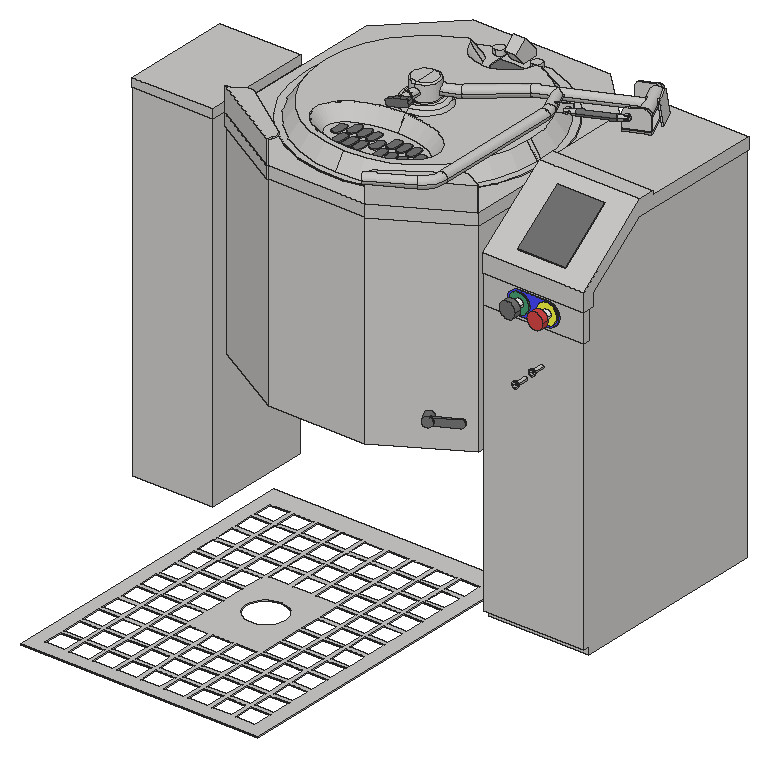
Revit family "QF_DIETATEC_CELER_40_180516034909", category Specialty Equipment, Revit 2015 (continued)
Definition of nested family "QF_Dietatec_CELER_40_FL"
  Lines and regions (mm)
    symbolic lines
      curve 154: line (253.5, -1234.5, 0) -> (253.5, -1184.5, 0)
      curve 155: line (263.5, -1234.5, 0) -> (313.5, -1234.5, 0)
      curve 156: line (263.5, -1184.5, 0) -> (263.5, -1234.5, 0)
      curve 157: line (313.5, -1184.5, 0) -> (263.5, -1184.5, 0)
      curve 158: line (313.5, -1234.5, 0) -> (313.5, -1184.5, 0)
      curve 159: line (323.5, -1234.5, 0) -> (373.5, -1234.5, 0)
      curve 160: line (323.5, -1184.5, 0) -> (323.5, -1234.5, 0)
      curve 161: line (373.5, -1184.5, 0) -> (323.5, -1184.5, 0)
      curve 162: line (373.5, -1234.5, 0) -> (373.5, -1184.5, 0)
      curve 163: line (383.5, -1234.5, 0) -> (433.5, -1234.5, 0)
      curve 164: line (383.5, -1184.5, 0) -> (383.5, -1234.5, 0)
      curve 165: line (433.5, -1184.5, 0) -> (383.5, -1184.5, 0)
      curve 166: line (433.5, -1234.5, 0) -> (433.5, -1184.5, 0)
      curve 167: line (443.5, -1234.5, 0) -> (493.5, -1234.5, 0)
      curve 168: line (443.5, -1184.5, 0) -> (443.5, -1234.5, 0)
      curve 169: line (493.5, -1184.5, 0) -> (443.5, -1184.5, 0)
      curve 170: line (493.5, -1234.5, 0) -> (493.5, -1184.5, 0)
      curve 171: line (503.5, -1234.5, 0) -> (553.5, -1234.5, 0)
      curve 172: line (503.5, -1184.5, 0) -> (503.5, -1234.5, 0)
      curve 173: line (553.5, -1184.5, 0) -> (503.5, -1184.5, 0)
      curve 174: line (553.5, -1234.5, 0) -> (553.5, -1184.5, 0)
      curve 175: line (563.5, -1234.5, 0) -> (613.5, -1234.5, 0)
      curve 176: line (563.5, -1184.5, 0) -> (563.5, -1234.5, 0)
      curve 177: line (613.5, -1184.5, 0) -> (563.5, -1184.5, 0)
      curve 178: line (613.5, -1234.5, 0) -> (613.5, -1184.5, 0)
      curve 179: line (83.5, -1174.5, 0) -> (133.5, -1174.5, 0)
      curve 180: line (83.5, -1124.5, 0) -> (83.5, -1174.5, 0)
      curve 181: line (133.5, -1124.5, 0) -> (83.5, -1124.5, 0)
      curve 182: line (133.5, -1174.5, 0) -> (133.5, -1124.5, 0)
      curve 183: line (143.5, -1174.5, 0) -> (193.5, -1174.5, 0)
      curve 184: line (143.5, -1124.5, 0) -> (143.5, -1174.5, 0)
      curve 185: line (193.5, -1124.5, 0) -> (143.5, -1124.5, 0)
      curve 186: line (193.5, -1174.5, 0) -> (193.5, -1124.5, 0)
      curve 187: line (203.5, -1174.5, 0) -> (253.5, -1174.5, 0)
      curve 188: line (203.5, -1124.5, 0) -> (203.5, -1174.5, 0)
      curve 189: line (253.5, -1124.5, 0) -> (203.5, -1124.5, 0)
      curve 190: line (253.5, -1174.5, 0) -> (253.5, -1124.5, 0)
      curve 191: line (263.5, -1174.5, 0) -> (313.5, -1174.5, 0)
      curve 192: line (263.5, -1124.5, 0) -> (263.5, -1174.5, 0)
      curve 193: line (313.5, -1124.5, 0) -> (263.5, -1124.5, 0)
      curve 194: line (313.5, -1174.5, 0) -> (313.5, -1124.5, 0)
      curve 195: line (323.5, -1174.5, 0) -> (373.5, -1174.5, 0)
      curve 196: line (323.5, -1124.5, 0) -> (323.5, -1174.5, 0)
      curve 197: line (373.5, -1124.5, 0) -> (323.5, -1124.5, 0)
      curve 198: line (373.5, -1174.5, 0) -> (373.5, -1124.5, 0)
      curve 199: line (383.5, -1174.5, 0) -> (433.5, -1174.5, 0)
      curve 200: line (383.5, -1124.5, 0) -> (383.5, -1174.5, 0)
      curve 201: line (433.5, -1124.5, 0) -> (383.5, -1124.5, 0)
      curve 202: line (433.5, -1174.5, 0) -> (433.5, -1124.5, 0)
      curve 203: line (443.5, -1174.5, 0) -> (493.5, -1174.5, 0)
      curve 204: line (443.5, -1124.5, 0) -> (443.5, -1174.5, 0)
      curve 205: line (493.5, -1124.5, 0) -> (443.5, -1124.5, 0)
      curve 206: line (493.5, -1174.5, 0) -> (493.5, -1124.5, 0)
      curve 207: line (503.5, -1174.5, 0) -> (553.5, -1174.5, 0)
      curve 208: line (503.5, -1124.5, 0) -> (503.5, -1174.5, 0)
      curve 209: line (553.5, -1124.5, 0) -> (503.5, -1124.5, 0)
      curve 210: line (553.5, -1174.5, 0) -> (553.5, -1124.5, 0)
      curve 211: line (563.5, -1174.5, 0) -> (613.5, -1174.5, 0)
      curve 212: line (563.5, -1124.5, 0) -> (563.5, -1174.5, 0)
      curve 213: line (613.5, -1124.5, 0) -> (563.5, -1124.5, 0)
      curve 214: line (613.5, -1174.5, 0) -> (613.5, -1124.5, 0)
      curve 215: line (83.5, -1114.5, 0) -> (133.5, -1114.5, 0)
      curve 216: line (83.5, -1064.5, 0) -> (83.5, -1114.5, 0)
      curve 217: line (133.5, -1064.5, 0) -> (83.5, -1064.5, 0)
      curve 218: line (133.5, -1114.5, 0) -> (133.5, -1064.5, 0)
      curve 219: line (143.5, -1114.5, 0) -> (193.5, -1114.5, 0)
      curve 220: line (143.5, -1064.5, 0) -> (143.5, -1114.5, 0)
      curve 221: line (193.5, -1064.5, 0) -> (143.5, -1064.5, 0)
      curve 222: line (193.5, -1114.5, 0) -> (193.5, -1064.5, 0)
      curve 223: line (203.5, -1114.5, 0) -> (253.5, -1114.5, 0)
      curve 224: line (203.5, -1064.5, 0) -> (203.5, -1114.5, 0)
      curve 225: line (253.5, -1064.5, 0) -> (203.5, -1064.5, 0)
      curve 226: line (253.5, -1114.5, 0) -> (253.5, -1064.5, 0)
      curve 227: line (263.5, -1114.5, 0) -> (313.5, -1114.5, 0)
      curve 228: line (263.5, -1064.5, 0) -> (263.5, -1114.5, 0)
      curve 229: line (313.5, -1064.5, 0) -> (263.5, -1064.5, 0)
      curve 230: line (313.5, -1114.5, 0) -> (313.5, -1064.5, 0)
      curve 231: line (323.5, -1114.5, 0) -> (373.5, -1114.5, 0)
      curve 232: line (323.5, -1064.5, 0) -> (323.5, -1114.5, 0)
      curve 233: line (373.5, -1064.5, 0) -> (323.5, -1064.5, 0)
      curve 234: line (373.5, -1114.5, 0) -> (373.5, -1064.5, 0)
      curve 235: line (383.5, -1114.5, 0) -> (433.5, -1114.5, 0)
      curve 236: line (383.5, -1064.5, 0) -> (383.5, -1114.5, 0)
      curve 237: line (433.5, -1064.5, 0) -> (383.5, -1064.5, 0)
      curve 238: line (433.5, -1114.5, 0) -> (433.5, -1064.5, 0)
      curve 239: line (443.5, -1114.5, 0) -> (493.5, -1114.5, 0)
      curve 240: line (443.5, -1064.5, 0) -> (443.5, -1114.5, 0)
      curve 241: line (493.5, -1064.5, 0) -> (443.5, -1064.5, 0)
      curve 242: line (493.5, -1114.5, 0) -> (493.5, -1064.5, 0)
      curve 243: line (503.5, -1114.5, 0) -> (553.5, -1114.5, 0)
      curve 244: line (503.5, -1064.5, 0) -> (503.5, -1114.5, 0)
      curve 245: line (553.5, -1064.5, 0) -> (503.5, -1064.5, 0)
      curve 246: line (553.5, -1114.5, 0) -> (553.5, -1064.5, 0)
      curve 247: line (563.5, -1114.5, 0) -> (613.5, -1114.5, 0)
      curve 248: line (563.5, -1064.5, 0) -> (563.5, -1114.5, 0)
      curve 249: line (613.5, -1064.5, 0) -> (563.5, -1064.5, 0)
      curve 250: line (613.5, -1114.5, 0) -> (613.5, -1064.5, 0)
      curve 251: line (83.5, -1054.5, 0) -> (133.5, -1054.5, 0)
      curve 252: line (83.5, -1004.5, 0) -> (83.5, -1054.5, 0)
      curve 253: line (133.5, -1004.5, 0) -> (83.5, -1004.5, 0)
      curve 254: line (133.5, -1054.5, 0) -> (133.5, -1004.5, 0)
      curve 255: line (143.5, -1054.5, 0) -> (193.5, -1054.5, 0)
      curve 256: line (143.5, -1004.5, 0) -> (143.5, -1054.5, 0)
      curve 257: line (193.5, -1004.5, 0) -> (143.5, -1004.5, 0)
      curve 258: line (193.5, -1054.5, 0) -> (193.5, -1004.5, 0)
      curve 259: line (203.5, -1054.5, 0) -> (253.5, -1054.5, 0)
      curve 260: line (203.5, -1004.5, 0) -> (203.5, -1054.5, 0)
      curve 261: line (253.5, -1004.5, 0) -> (203.5, -1004.5, 0)
      curve 262: line (253.5, -1054.5, 0) -> (253.5, -1004.5, 0)
      curve 263: line (263.5, -1054.5, 0) -> (313.5, -1054.5, 0)
      curve 264: line (263.5, -1004.5, 0) -> (263.5, -1054.5, 0)
      curve 265: line (313.5, -1004.5, 0) -> (263.5, -1004.5, 0)
      curve 266: line (313.5, -1054.5, 0) -> (313.5, -1004.5, 0)
      curve 267: line (323.5, -1054.5, 0) -> (373.5, -1054.5, 0)
      curve 268: line (323.5, -1004.5, 0) -> (323.5, -1054.5, 0)
      curve 269: line (373.5, -1004.5, 0) -> (323.5, -1004.5, 0)
      curve 270: line (373.5, -1054.5, 0) -> (373.5, -1004.5, 0)
      curve 271: line (383.5, -1054.5, 0) -> (433.5, -1054.5, 0)
      curve 272: line (383.5, -1004.5, 0) -> (383.5, -1054.5, 0)
      curve 273: line (433.5, -1004.5, 0) -> (383.5, -1004.5, 0)
      curve 274: line (433.5, -1054.5, 0) -> (433.5, -1004.5, 0)
      curve 275: line (443.5, -1054.5, 0) -> (493.5, -1054.5, 0)
      curve 276: line (443.5, -1004.5, 0) -> (443.5, -1054.5, 0)
      curve 277: line (493.5, -1004.5, 0) -> (443.5, -1004.5, 0)
      curve 278: line (493.5, -1054.5, 0) -> (493.5, -1004.5, 0)
      curve 279: line (503.5, -1054.5, 0) -> (553.5, -1054.5, 0)
      curve 280: line (503.5, -1004.5, 0) -> (503.5, -1054.5, 0)
      curve 281: line (553.5, -1004.5, 0) -> (503.5, -1004.5, 0)
      curve 282: line (553.5, -1054.5, 0) -> (553.5, -1004.5, 0)
      curve 283: line (563.5, -1054.5, 0) -> (613.5, -1054.5, 0)
      curve 284: line (563.5, -1004.5, 0) -> (563.5, -1054.5, 0)
      curve 285: line (613.5, -1004.5, 0) -> (563.5, -1004.5, 0)
      curve 286: line (613.5, -1054.5, 0) -> (613.5, -1004.5, 0)
      curve 287: line (83.5, -994.5, 0) -> (133.5, -994.5, 0)
      curve 288: line (83.5, -944.5, 0) -> (83.5, -994.5, 0)
      curve 289: line (133.5, -944.5, 0) -> (83.5, -944.5, 0)
      curve 290: line (133.5, -994.5, 0) -> (133.5, -944.5, 0)
      curve 291: line (143.5, -994.5, 0) -> (193.5, -994.5, 0)
      curve 292: line (143.5, -944.5, 0) -> (143.5, -994.5, 0)
      curve 293: line (193.5, -944.5, 0) -> (143.5, -944.5, 0)
      curve 294: line (193.5, -994.5, 0) -> (193.5, -944.5, 0)
      curve 295: line (203.5, -994.5, 0) -> (253.5, -994.5, 0)
      curve 296: line (203.5, -944.5, 0) -> (203.5, -994.5, 0)
      curve 297: line (253.5, -944.5, 0) -> (203.5, -944.5, 0)
      curve 298: line (253.5, -994.5, 0) -> (253.5, -944.5, 0)
      curve 299: line (443.5, -994.5, 0) -> (493.5, -994.5, 0)
      curve 300: line (443.5, -944.5, 0) -> (443.5, -994.5, 0)
      curve 301: line (493.5, -944.5, 0) -> (443.5, -944.5, 0)
      curve 302: line (493.5, -994.5, 0) -> (493.5, -944.5, 0)
      curve 303: line (503.5, -994.5, 0) -> (553.5, -994.5, 0)
      curve 304: line (503.5, -944.5, 0) -> (503.5, -994.5, 0)
      curve 305: line (553.5, -944.5, 0) -> (503.5, -944.5, 0)
      curve 306: line (553.5, -994.5, 0) -> (553.5, -944.5, 0)
      curve 307: line (563.5, -994.5, 0) -> (613.5, -994.5, 0)
      curve 308: line (563.5, -944.5, 0) -> (563.5, -994.5, 0)
      curve 309: line (613.5, -944.5, 0) -> (563.5, -944.5, 0)
      curve 310: line (613.5, -994.5, 0) -> (613.5, -944.5, 0)
      curve 311: line (83.5, -934.5, 0) -> (133.5, -934.5, 0)
      curve 312: line (83.5, -884.5, 0) -> (83.5, -934.5, 0)
      curve 313: line (133.5, -884.5, 0) -> (83.5, -884.5, 0)
      curve 314: line (133.5, -934.5, 0) -> (133.5, -884.5, 0)
      curve 315: line (143.5, -934.5, 0) -> (193.5, -934.5, 0)
      curve 316: line (143.5, -884.5, 0) -> (143.5, -934.5, 0)
      curve 317: line (193.5, -884.5, 0) -> (143.5, -884.5, 0)
      curve 318: line (193.5, -934.5, 0) -> (193.5, -884.5, 0)
      curve 319: line (203.5, -934.5, 0) -> (253.5, -934.5, 0)
      curve 320: line (203.5, -884.5, 0) -> (203.5, -934.5, 0)
      curve 321: line (253.5, -884.5, 0) -> (203.5, -884.5, 0)
      curve 322: line (253.5, -934.5, 0) -> (253.5, -884.5, 0)
      curve 323: line (443.5, -934.5, 0) -> (493.5, -934.5, 0)
      curve 324: line (443.5, -884.5, 0) -> (443.5, -934.5, 0)
      curve 325: line (493.5, -884.5, 0) -> (443.5, -884.5, 0)
      curve 326: line (493.5, -934.5, 0) -> (493.5, -884.5, 0)
      curve 327: line (503.5, -934.5, 0) -> (553.5, -934.5, 0)
      curve 328: line (503.5, -884.5, 0) -> (503.5, -934.5, 0)
      curve 329: line (553.5, -884.5, 0) -> (503.5, -884.5, 0)
      curve 330: line (553.5, -934.5, 0) -> (553.5, -884.5, 0)
      curve 331: line (563.5, -934.5, 0) -> (613.5, -934.5, 0)
      curve 332: line (563.5, -884.5, 0) -> (563.5, -934.5, 0)
      curve 333: line (613.5, -884.5, 0) -> (563.5, -884.5, 0)
      curve 334: line (613.5, -934.5, 0) -> (613.5, -884.5, 0)
      curve 335: line (83.5, -874.5, 0) -> (133.5, -874.5, 0)
      curve 336: line (83.5, -824.5, 0) -> (83.5, -874.5, 0)
      curve 337: line (133.5, -824.5, 0) -> (83.5, -824.5, 0)
      curve 338: line (133.5, -874.5, 0) -> (133.5, -824.5, 0)
      curve 339: line (143.5, -874.5, 0) -> (193.5, -874.5, 0)
      curve 340: line (143.5, -824.5, 0) -> (143.5, -874.5, 0)
      curve 341: line (193.5, -824.5, 0) -> (143.5, -824.5, 0)
      curve 342: line (193.5, -874.5, 0) -> (193.5, -824.5, 0)
      curve 343: line (203.5, -874.5, 0) -> (253.5, -874.5, 0)
      curve 344: line (203.5, -824.5, 0) -> (203.5, -874.5, 0)
      curve 345: line (253.5, -824.5, 0) -> (203.5, -824.5, 0)
      curve 346: line (253.5, -874.5, 0) -> (253.5, -824.5, 0)
      curve 347: line (443.5, -874.5, 0) -> (493.5, -874.5, 0)
      curve 348: line (443.5, -824.5, 0) -> (443.5, -874.5, 0)
      curve 349: line (493.5, -824.5, 0) -> (443.5, -824.5, 0)
      curve 350: line (493.5, -874.5, 0) -> (493.5, -824.5, 0)
      curve 351: line (503.5, -874.5, 0) -> (553.5, -874.5, 0)
      curve 352: line (503.5, -824.5, 0) -> (503.5, -874.5, 0)
      curve 353: line (553.5, -824.5, 0) -> (503.5, -824.5, 0)
      curve 354: line (553.5, -874.5, 0) -> (553.5, -824.5, 0)
      curve 355: line (563.5, -874.5, 0) -> (613.5, -874.5, 0)
      curve 356: line (563.5, -824.5, 0) -> (563.5, -874.5, 0)
      curve 357: line (613.5, -824.5, 0) -> (563.5, -824.5, 0)
      curve 358: line (613.5, -874.5, 0) -> (613.5, -824.5, 0)
      curve 359: line (83.5, -814.5, 0) -> (133.5, -814.5, 0)
      curve 360: line (83.5, -764.5, 0) -> (83.5, -814.5, 0)
      curve 361: line (133.5, -764.5, 0) -> (83.5, -764.5, 0)
      curve 362: line (133.5, -814.5, 0) -> (133.5, -764.5, 0)
      curve 363: line (143.5, -814.5, 0) -> (193.5, -814.5, 0)
      curve 364: line (143.5, -764.5, 0) -> (143.5, -814.5, 0)
      curve 365: line (193.5, -764.5, 0) -> (143.5, -764.5, 0)
      curve 366: line (193.5, -814.5, 0) -> (193.5, -764.5, 0)
      curve 367: line (203.5, -814.5, 0) -> (253.5, -814.5, 0)
      curve 368: line (203.5, -764.5, 0) -> (203.5, -814.5, 0)
      curve 369: line (253.5, -764.5, 0) -> (203.5, -764.5, 0)
      curve 370: line (253.5, -814.5, 0) -> (253.5, -764.5, 0)
      curve 371: line (443.5, -814.5, 0) -> (493.5, -814.5, 0)
      curve 372: line (443.5, -764.5, 0) -> (443.5, -814.5, 0)
      curve 373: line (493.5, -764.5, 0) -> (443.5, -764.5, 0)
      curve 374: line (493.5, -814.5, 0) -> (493.5, -764.5, 0)
      curve 375: line (503.5, -814.5, 0) -> (553.5, -814.5, 0)
      curve 376: line (503.5, -764.5, 0) -> (503.5, -814.5, 0)
      curve 377: line (553.5, -764.5, 0) -> (520.361, -764.5, 0)
      curve 378: line (553.5, -814.5, 0) -> (553.5, -764.5, 0)
      curve 379: line (563.5, -814.5, 0) -> (613.5, -814.5, 0)
      curve 380: line (563.5, -764.5, 0) -> (563.5, -814.5, 0)
      curve 381: line (613.5, -764.5, 0) -> (563.5, -764.5, 0)
      curve 382: line (613.5, -814.5, 0) -> (613.5, -764.5, 0)
      curve 383: line (83.5, -754.5, 0) -> (133.5, -754.5, 0)
      curve 384: line (83.5, -704.5, 0) -> (83.5, -754.5, 0)
      curve 385: line (133.5, -704.5, 0) -> (83.5, -704.5, 0)
      curve 386: line (133.5, -754.5, 0) -> (133.5, -704.5, 0)
      curve 387: line (143.5, -754.5, 0) -> (193.5, -754.5, 0)
      curve 388: line (143.5, -704.5, 0) -> (143.5, -754.5, 0)
      curve 389: line (193.5, -704.5, 0) -> (143.5, -704.5, 0)
      curve 390: line (193.5, -754.5, 0) -> (193.5, -704.5, 0)
      curve 391: line (203.5, -754.5, 0) -> (253.5, -754.5, 0)
      curve 392: line (203.5, -704.5, 0) -> (203.5, -754.5, 0)
      curve 393: line (211.034, -704.5, 0) -> (203.5, -704.5, 0)
      curve 394: line (253.5, -754.5, 0) -> (253.5, -710, 0)
      curve 395: line (263.5, -754.5, 0) -> (313.5, -754.5, 0)
      curve 396: line (263.5, -710, 0) -> (263.5, -754.5, 0)
      curve 397: line (313.5, -754.5, 0) -> (313.5, -710, 0)
      curve 398: line (323.5, -754.5, 0) -> (373.5, -754.5, 0)
      curve 399: line (323.5, -710, 0) -> (323.5, -754.5, 0)
      curve 400: line (373.5, -754.5, 0) -> (373.5, -710, 0)
      curve 401: line (383.5, -754.5, 0) -> (433.5, -754.5, 0)
      curve 402: line (383.5, -710, 0) -> (383.5, -754.5, 0)
      curve 403: line (433.5, -754.5, 0) -> (433.5, -710, 0)
      curve 404: line (443.5, -754.5, 0) -> (493.5, -754.5, 0)
      curve 405: line (443.5, -710, 0) -> (443.5, -754.5, 0)
      curve 406: line (493.5, -704.5, 0) -> (485.966, -704.5, 0)
      curve 407: line (493.5, -754.5, 0) -> (493.5, -704.5, 0)
      curve 408: line (537.681, -754.5, 0) -> (553.5, -754.5, 0)
      curve 409: line (503.5, -704.5, 0) -> (503.5, -745.367, 0)
      curve 410: line (553.5, -704.5, 0) -> (503.5, -704.5, 0)
      curve 411: line (553.5, -754.5, 0) -> (553.5, -745.367, 0)
      curve 412: line (563.5, -754.5, 0) -> (613.5, -754.5, 0)
      curve 413: line (563.5, -704.5, 0) -> (563.5, -710.726, 0)
      curve 414: line (574.284, -704.5, 0) -> (563.5, -704.5, 0)
      curve 415: line (613.5, -754.5, 0) -> (613.5, -710.225, 0)
      curve 416: line (83.5, -694.5, 0) -> (133.5, -694.5, 0)
      curve 417: line (83.5, -644.5, 0) -> (83.5, -694.5, 0)
      curve 418: line (107.111, -644.5, 0) -> (83.5, -644.5, 0)
      curve 419: line (133.5, -694.5, 0) -> (133.5, -659.736, 0)
      curve 420: line (143.5, -694.5, 0) -> (193.713, -694.5, 0)
      curve 421: line (143.5, -665.509, 0) -> (143.5, -694.5, 0)
      curve 422: line (503.287, -694.5, 0) -> (553.5, -694.5, 0)
      curve 423: line (553.5, -694.5, 0) -> (553.5, -665.509, 0)
      curve 424: line (563.5, -694.5, 0) -> (591.604, -694.5, 0)
      curve 425: line (563.5, -659.736, 0) -> (563.5, -694.5, 0)
      curve 426: line (613.5, -644.5, 0) -> (595.852, -644.5, 0)
      curve 427: line (1.5, -526, 0) -> (0, -526, 0)
      curve 428: line (1.5, -526, 0) -> (1.5, -519.5, 0)
      curve 429: line (1.5, -519.5, 0) -> (10, -519.5, 0)
      curve 430: line (10, -519.5, 0) -> (10, -520.45, 0)
      curve 431: line (10, -520.45, 0) -> (24.65, -520.45, 0)
      curve 432: line (24.65, -520.45, 0) -> (24.65, -521.381, 0)
      curve 433: arc (24.65, -521.381, 0) -> (25.866, -521.401, 0) -> (27, -521.838, 0) r 3.478
      curve 434: line (695.5, -426, 0) -> (697, -426, 0)
      curve 435: line (695.5, -426, 0) -> (695.5, -432.5, 0)
      curve 436: line (695.5, -432.5, 0) -> (687, -432.5, 0)
      curve 437: line (687, -432.5, 0) -> (687, -431.55, 0)
      curve 438: line (687, -431.55, 0) -> (672.35, -431.55, 0)
      curve 439: line (672.35, -431.55, 0) -> (672.35, -430.619, 0)
      curve 440: arc (672.35, -430.619, 0) -> (671.134, -430.599, 0) -> (670, -430.162, 0) r 3.478
      curve 441: line (687, -432.5, 0) -> (687, -519.5, 0)
      curve 442: line (695.5, -526, 0) -> (697, -526, 0)
      curve 443: line (695.5, -526, 0) -> (695.5, -519.5, 0)
      curve 444: line (695.5, -519.5, 0) -> (687, -519.5, 0)
      curve 445: line (687, -519.5, 0) -> (687, -520.45, 0)
      curve 446: line (687, -520.45, 0) -> (672.35, -520.45, 0)
      curve 447: line (672.35, -520.45, 0) -> (672.35, -521.381, 0)
      curve 448: arc (672.35, -521.381, 0) -> (671.134, -521.401, 0) -> (670, -521.838, 0) r 3.478
      curve 449: line (553.5, -716.5, 0) -> (553.5, -704.5, 0)
      curve 450: line (563.5, -739.594, 0) -> (563.5, -754.5, 0)
      curve 451: line (507.678, -764.5, 0) -> (503.5, -764.5, 0)
      curve 452: arc (613.294, -660.286, 0) -> (608.26, -679.072, 0) -> (594.508, -692.823, 0) r 37.57
      curve 453: arc (607.378, -714.261, 0) -> (630.043, -691.595, 0) -> (638.34, -660.633, 0) r 61.924
      curve 454: arc (638.34, -336.112, 0) -> (636.849, -322.498, 0) -> (632.446, -309.528, 0) r 62.903
      curve 455: arc (609.948, -320.436, 0) -> (612.447, -327.799, 0) -> (613.294, -335.528, 0) r 35.711
      curve 456: line (655.004, -281.002, 0) -> (625.549, -294.737, 0)
      curve 457: line (626.817, -297.456, 0) -> (656.272, -283.721, 0)
      curve 458: line (656.272, -283.721, 0) -> (655.004, -281.002, 0)
      curve 459: line (640.514, -276.449, 0) -> (644.139, -274.759, 0)
      curve 460: line (653.665, -288.089, 0) -> (644.602, -292.316, 0)
      curve 461: line (653.34, -305.494, 0) -> (658.144, -303.255, 0)
      curve 462: line (666.354, -282.765, 0) -> (672.693, -296.36, 0)
      curve 463: line (740.671, -248.111, 0) -> (747.01, -261.705, 0)
      curve 464: line (640.514, -276.449, 0) -> (640.03, -277.778, 0)
      curve 465: line (640.03, -277.778, 0) -> (643.939, -286.162, 0)
      curve 466: line (644.602, -292.316, 0) -> (643.394, -289.726, 0)
      curve 467: line (644.139, -274.759, 0) -> (645.468, -275.243, 0)
      curve 468: line (645.468, -275.243, 0) -> (649.377, -283.626, 0)
      curve 469: line (653.665, -288.089, 0) -> (652.458, -285.5, 0)
      curve 470: line (653.34, -305.494, 0) -> (652.03, -302.685, 0)
      curve 471: line (648.187, -294.547, 0) -> (646.412, -291.472, 0)
      curve 472: line (658.144, -303.255, 0) -> (656.834, -300.445, 0)
      curve 473: line (653.07, -292.27, 0) -> (651.855, -288.933, 0)
      curve 474: line (644.634, -296.204, 0) -> (667.622, -285.484, 0)
      curve 475: line (648.437, -304.36, 0) -> (671.425, -293.641, 0)
      curve 476: arc (644.634, -296.204, 0) -> (645.287, -300.864, 0) -> (648.437, -304.36, 0) r 8.039
      curve 477: line (666.354, -282.765, 0) -> (740.671, -248.111, 0)
      curve 478: line (672.693, -296.36, 0) -> (747.01, -261.705, 0)
      curve 479: line (764.924, -240.112, 0) -> (741.939, -250.829, 0)
      curve 480: line (768.727, -248.268, 0) -> (745.743, -258.986, 0)
      curve 481: arc (764.924, -240.112, 0) -> (768.071, -243.609, 0) -> (768.727, -248.268, 0) r 8.055
      curve 482: line (761.644, -254.992, 0) -> (766.448, -252.752, 0)
      curve 483: line (766.448, -252.752, 0) -> (765.138, -249.942, 0)
      curve 484: line (761.374, -241.767, 0) -> (760.159, -238.43, 0)
      curve 485: line (761.644, -254.992, 0) -> (760.334, -252.182, 0)
      curve 486: line (756.491, -244.044, 0) -> (754.716, -240.969, 0)
      curve 487: line (752.906, -241.813, 0) -> (761.969, -237.586, 0)
      curve 488: line (761.969, -237.586, 0) -> (760.656, -234.77, 0)
      curve 489: line (752.906, -241.813, 0) -> (751.593, -238.996, 0)
      curve 490: line (748.334, -227.276, 0) -> (748.818, -225.947, 0)
      curve 491: line (748.818, -225.947, 0) -> (752.443, -224.256, 0)
      curve 492: line (752.443, -224.256, 0) -> (753.772, -224.74, 0)
      curve 493: line (753.772, -224.74, 0) -> (757.153, -231.99, 0)
      curve 494: line (748.334, -227.276, 0) -> (751.715, -234.526, 0)
      curve 495: line (613.294, -651.772, 0) -> (603.362, -657.506, 0)
      curve 496: line (638.34, -643.085, 0) -> (648.5, -637.219, 0)
      curve 497: line (638.34, -616.527, 0) -> (648.5, -610.661, 0)
      curve 498: arc (638.34, -443.415, 0) -> (645.949, -405.039, 0) -> (648.5, -366, 0) r 300
      curve 499: arc (579.884, -244.312, 0) -> (524.124, -168.466, 0) -> (444.788, -117.796, 0) r 256.929
      curve 500: arc (620.853, -225.207, 0) -> (542.845, -122.461, 0) -> (428.9, -61.974, 0) r 300
      curve 501: line (727.182, -203.21, 0) -> (745.248, -241.955, 0)
      curve 502: arc (415.5, -60.145, 0) -> (422.262, -60.605, 0) -> (428.9, -61.974, 0) r 50
      curve 503: arc (406.018, -352.971, 0) -> (397.26, -399.174, 0) -> (357.5, -424.284, 0) r 58.975
      curve 504: arc (333.5, -88.405, 0) -> (323.7, -89.108, 0) -> (313.931, -90.158, 0) r 278
      curve 505: spline (348.499, -608, 0) -> (308.332, -604.933, 0) -> (270.902, -595.942, 0) -> (238.759, -581.639, 0) -> (214.096, -563, 0) -> (198.592, -541.294, 0) -> (193.304, -518, 0) -> (198.592, -494.706, 0) -> (214.096, -473, 0) -> (238.759, -454.361, 0) -> (270.902, -440.058, 0) -> (308.332, -431.067, 0) -> (348.499, -428, 0)
      curve 506: spline (348.501, -428, 0) -> (388.668, -431.067, 0) -> (426.098, -440.058, 0) -> (458.241, -454.361, 0) -> (482.904, -473, 0) -> (498.408, -494.706, 0) -> (503.696, -518, 0) -> (498.408, -541.294, 0) -> (482.904, -563, 0) -> (458.241, -581.639, 0) -> (426.098, -595.942, 0) -> (388.668, -604.933, 0) -> (348.501, -608, 0)
      curve 507: spline (348.5, -456.64, 0) -> (315.804, -458.731, 0) -> (285.336, -464.861, 0) -> (259.172, -474.612, 0) -> (239.096, -487.32, 0) -> (226.476, -502.119, 0) -> (222.171, -518, 0) -> (226.476, -533.881, 0) -> (239.096, -548.68, 0) -> (259.172, -561.388, 0) -> (285.336, -571.139, 0) -> (315.804, -577.269, 0) -> (348.5, -579.36, 0)
      curve 508: spline (348.5, -579.36, 0) -> (381.196, -577.269, 0) -> (411.664, -571.139, 0) -> (437.828, -561.388, 0) -> (457.904, -548.68, 0) -> (470.524, -533.881, 0) -> (474.829, -518, 0) -> (470.524, -502.119, 0) -> (457.904, -487.32, 0) -> (437.828, -474.612, 0) -> (411.664, -464.861, 0) -> (381.196, -458.731, 0) -> (348.5, -456.64, 0)
      curve 509: line (238.5, -503, 0) -> (238.5, -523, 0)
      curve 510: arc (258.5, -503, 0) -> (248.5, -493, 0) -> (238.5, -503, 0) r 10
      curve 511: line (258.5, -523, 0) -> (258.5, -503, 0)
      curve 512: arc (238.5, -523, 0) -> (248.5, -533, 0) -> (258.5, -523, 0) r 10
      curve 513: arc (263.5, -550.5, 0) -> (273.5, -560.5, 0) -> (283.5, -550.5, 0) r 10
      curve 514: line (283.5, -550.5, 0) -> (283.5, -530.5, 0)
      curve 515: arc (283.5, -530.5, 0) -> (273.5, -520.5, 0) -> (263.5, -530.5, 0) r 10
      curve 516: line (263.5, -530.5, 0) -> (263.5, -550.5, 0)
      curve 517: arc (263.5, -505.5, 0) -> (273.5, -515.5, 0) -> (283.5, -505.5, 0) r 10
      curve 518: line (263.5, -485.5, 0) -> (263.5, -505.5, 0)
      curve 519: arc (283.5, -485.5, 0) -> (273.5, -475.5, 0) -> (263.5, -485.5, 0) r 10
      curve 520: line (283.5, -505.5, 0) -> (283.5, -485.5, 0)
      curve 521: line (288.5, -485.5, 0) -> (288.5, -505.5, 0)
      curve 522: arc (308.5, -485.5, 0) -> (298.5, -475.5, 0) -> (288.5, -485.5, 0) r 10
      curve 523: line (308.5, -505.5, 0) -> (308.5, -485.5, 0)
      curve 524: arc (288.5, -505.5, 0) -> (298.5, -515.5, 0) -> (308.5, -505.5, 0) r 10
      curve 525: arc (308.5, -530.5, 0) -> (298.5, -520.5, 0) -> (288.5, -530.5, 0) r 10
      curve 526: line (288.5, -530.5, 0) -> (288.5, -550.5, 0)
      curve 527: line (308.5, -550.5, 0) -> (308.5, -530.5, 0)
      curve 528: arc (288.5, -550.5, 0) -> (298.5, -560.5, 0) -> (308.5, -550.5, 0) r 10
      curve 529: arc (313.5, -550.5, 0) -> (323.5, -560.5, 0) -> (333.5, -550.5, 0) r 10
      curve 530: line (313.5, -530.5, 0) -> (313.5, -550.5, 0)
      curve 531: arc (333.5, -530.5, 0) -> (323.5, -520.5, 0) -> (313.5, -530.5, 0) r 10
      curve 532: line (333.5, -550.5, 0) -> (333.5, -530.5, 0)
      curve 533: arc (313.5, -505.5, 0) -> (323.5, -515.5, 0) -> (333.5, -505.5, 0) r 10
      curve 534: line (313.5, -485.5, 0) -> (313.5, -505.5, 0)
      curve 535: arc (333.5, -485.5, 0) -> (323.5, -475.5, 0) -> (313.5, -485.5, 0) r 10
      curve 536: line (333.5, -505.5, 0) -> (333.5, -485.5, 0)
      curve 537: line (338.5, -507.75, 0) -> (338.5, -527.75, 0)
      curve 538: arc (358.5, -507.75, 0) -> (348.5, -497.75, 0) -> (338.5, -507.75, 0) r 10
      curve 539: line (358.5, -527.75, 0) -> (358.5, -507.75, 0)
      curve 540: arc (338.5, -527.75, 0) -> (348.5, -537.75, 0) -> (358.5, -527.75, 0) r 10
      curve 541: line (363.5, -530.5, 0) -> (363.5, -550.5, 0)
      curve 542: arc (383.5, -530.5, 0) -> (373.5, -520.5, 0) -> (363.5, -530.5, 0) r 10
      curve 543: arc (363.5, -550.5, 0) -> (373.5, -560.5, 0) -> (383.5, -550.5, 0) r 10
      curve 544: line (383.5, -550.5, 0) -> (383.5, -530.5, 0)
      curve 545: arc (363.5, -505.5, 0) -> (373.5, -515.5, 0) -> (383.5, -505.5, 0) r 10
      curve 546: line (383.5, -505.5, 0) -> (383.5, -485.5, 0)
      curve 547: line (363.5, -485.5, 0) -> (363.5, -505.5, 0)
      curve 548: arc (383.5, -485.5, 0) -> (373.5, -475.5, 0) -> (363.5, -485.5, 0) r 10
      curve 549: arc (408.5, -485.5, 0) -> (398.5, -475.5, 0) -> (388.5, -485.5, 0) r 10
      curve 550: line (388.5, -485.5, 0) -> (388.5, -505.5, 0)
      curve 551: line (408.5, -505.5, 0) -> (408.5, -485.5, 0)
      curve 552: arc (388.5, -505.5, 0) -> (398.5, -515.5, 0) -> (408.5, -505.5, 0) r 10
      curve 553: arc (408.5, -530.5, 0) -> (398.5, -520.5, 0) -> (388.5, -530.5, 0) r 10
      curve 554: arc (388.5, -550.5, 0) -> (398.5, -560.5, 0) -> (408.5, -550.5, 0) r 10
      curve 555: line (388.5, -530.5, 0) -> (388.5, -550.5, 0)
      curve 556: line (408.5, -550.5, 0) -> (408.5, -530.5, 0)
      curve 557: arc (413.5, -505.5, 0) -> (423.5, -515.5, 0) -> (433.5, -505.5, 0) r 10
      curve 558: arc (433.5, -485.5, 0) -> (423.5, -475.5, 0) -> (413.5, -485.5, 0) r 10
      curve 559: arc (433.5, -530.5, 0) -> (423.5, -520.5, 0) -> (413.5, -530.5, 0) r 10
      curve 560: arc (413.5, -550.5, 0) -> (423.5, -560.5, 0) -> (433.5, -550.5, 0) r 10
      curve 561: line (413.5, -530.5, 0) -> (413.5, -550.5, 0)
      curve 562: line (433.5, -550.5, 0) -> (433.5, -530.5, 0)
      curve 563: arc (438.5, -523, 0) -> (448.5, -533, 0) -> (458.5, -523, 0) r 10
      curve 564: line (438.5, -503, 0) -> (438.5, -523, 0)
      curve 565: arc (458.5, -503, 0) -> (448.5, -493, 0) -> (438.5, -503, 0) r 10
      curve 566: line (458.5, -523, 0) -> (458.5, -503, 0)
      curve 567: line (413.5, -485.5, 0) -> (413.5, -505.5, 0)
      curve 568: line (433.5, -505.5, 0) -> (433.5, -485.5, 0)
  Dimensions and locks
    plane 3 "Left" to plane 4 "Right" = 950.5 mm
    plane 5 "Front" to plane 1 "Back" = 769.992 mm
    Extrusion 41 to Extrusion 41 = 1153.5 mm
    aligned and locked: level to plane 2
  Connectors
    electrical at (803.5, -97.5, 120), driven by "Apparent Power", driven by "Volts", driven by "Number of Poles"
      settings: on Extrusion 44, index 4, voltage 400 V, apparent load 0 VA, apparent load phase1 14500 VA, apparent load phase2 0 VA, apparent load phase3 0 VA, power factor 1, load classification none, number of poles 3, system type 31, power factor state 1, is connector primary yes, connector utility no, sub classification motor no, connector description "electrical connection"
    piping at (873.5, -97.5, 120), diameter 12.7, driven by "Cold Water Size", driven by "Cold Water Flow"
      settings: on Extrusion 43, index 5, connector inside diameter 609.6 mm, connector length 0 mm, flow factor 0, pipe flow 0.0 L/s, pressure drop 0.0 Pa, fitting loss kfactor 0, connector angle 0.00°, fixture units 0, engagement length 0 mm, angle of deflection 0.00°, flow configuration 1, flow direction 1, fitting loss method 0, system type 20, joint type 0, gender type 0, connector reference index -1, connector utility 0, adjustable connector no, is connector primary yes, connector description "water inlet"
Definition of nested family "QF_Dietatec_KETTLE_LEFT_LEG"
  Parameters (values of type "KETTLE_LEFT_LEG")
    Width [instance] = 0 mm
    Weight in Pounds = 0
    URL Cutsheet = "www.dietatec.com"
    URL = "www.dietatec.com"
    Status [instance] = ""
    Specification by User [instance] = ""
    Specification by Manufacturer = ""
    Show Logo [instance] = yes
    Show Clearance [instance] = yes
    Serial Number = ""
    Seismic Rating = ""
    SMACNA No = ""
    Revision Code [instance] = ""
    NAFEM Spec ID Number = ""
    Model = "KETTLE_LEFT_LEG"
    Masterspec = ""
    Manufacturer = "DIETATEC"
    ListPrice [instance] = 0
    Item Number [instance] = ""
    Installed By [instance] = ""
    Identify Quantity as Lot [instance] = no
    Height [instance] = 0 mm
    Furnished By [instance] = ""
    Foodservice Equipment Identifier [instance] = yes
    Description = "LEFT LEG OF C-CLASSIC AND CELER MODELS"
    Depth [instance] = 0 mm
    CSI MasterFormat = ""
    Assembly Code = "E1090320"
  Reference planes
    plane 1 "Back": y = 0
    plane 2: z = 0
    plane 3 "Left": x = 0
    plane 4 "Right": x = 1153.5
    plane 5 "Front": y = -770
    plane 6 "Top": z = 1000
  Forms (mm)
    Extrusion 1, solid
      sketch origin (-203, 0, 0) x (1, 0, 0) y (0, 1, 0)
        loop
          line (201.5, -326) -> (1.5, -326) -> (1.5, -601) -> (201.5, -601) -> (201.5, -326)
      from 0 to 880
    Extrusion 2, solid
      sketch origin (-1081.5, -472.5, -153) x (1, 0, 0) y (0, 0, 1)
        loop
          circle (930, 278) r 15
      from -150 to -146.5
    Extrusion 3, solid
      sketch origin (-981.5, -472.5, -153) x (1, 0, 0) y (0, 0, 1)
        loop
          circle (930, 278) r 15
      from -150 to -146.5
    Extrusion 4, solid
      sketch origin (-203, 0, 880) x (1, 0, 0) y (0, 1, 0)
        loop
          line (203, -324.5) -> (0, -324.5) -> (0, -602.5) -> (203, -602.5) -> (203, -324.5)
      from 0 to 21
  Lines and regions (mm)
    symbolic lines
      curve 1: line (0, -324.5, 0) -> (-203, -324.5, 0)
      curve 2: line (0, -602.5, 0) -> (0, -324.5, 0)
      curve 3: line (-203, -602.5, 0) -> (0, -602.5, 0)
      curve 4: line (-203, -324.5, 0) -> (-203, -602.5, 0)
  Dimensions and locks
    plane 3 "Left" to plane 4 "Right" = 1153.5 mm
    plane 5 "Front" to plane 1 "Back" = 770 mm
    aligned and locked: level to plane 2
